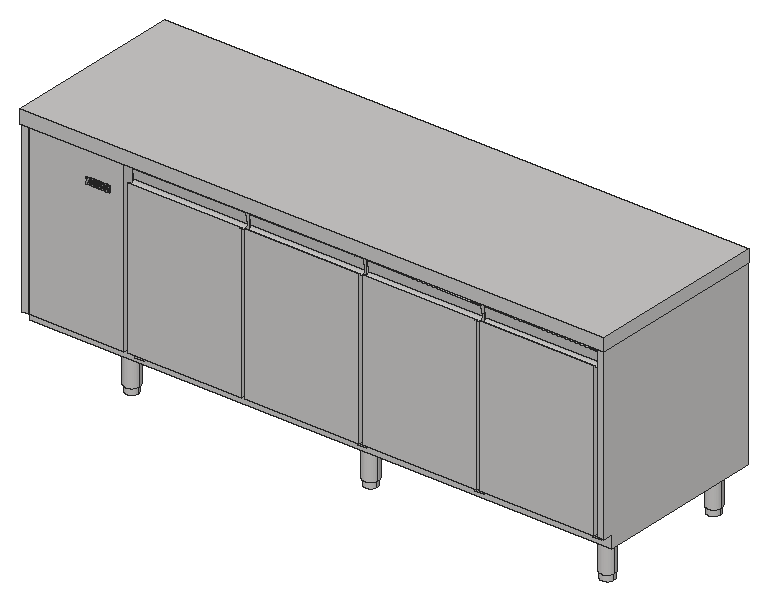
Revit family "QF_ZANUSSI_111053_ZH4HBAAAA", category Specialty Equipment, Revit 2018 (continued)
Definition of nested family "ZAN_Cooling Unit"
  Lines and regions (mm)
    Split face 128
      outline origin (55.016, 2, -281.14) x (0, 0, 1) y (-1, 0, 0)
        loop
          arc (502.647, 116.535) -> (506.648, 112.533) -> (510.649, 116.535) r 4.001
          line (510.649, 116.535) -> (510.649, 158.547)
    Split face 129
      outline origin (55.016, 2, -293.144) x (0, 0, 1) y (-1, 0, 0)
        loop
          arc (510.649, 158.547) -> (506.648, 162.548) -> (502.647, 158.547) r 4.001
          line (502.647, 158.547) -> (502.647, 116.535)
          arc (502.647, 116.535) -> (506.648, 112.533) -> (510.649, 116.535) r 4.001
          line (510.649, 116.535) -> (510.649, 158.547)
    Split face 130
      outline origin (110.032, 2, -113.091) x (0, 0, 1) y (-1, 0, 0)
        loop
          arc (510.649, 158.547) -> (506.648, 162.548) -> (502.647, 158.547) r 4.001
          line (502.647, 158.547) -> (502.647, 116.535)
          arc (502.647, 116.535) -> (506.648, 112.533) -> (510.649, 116.535) r 4.001
          line (510.649, 116.535) -> (510.649, 158.547)
    Split face 131
      outline origin (110.032, 2, -125.094) x (0, 0, 1) y (-1, 0, 0)
        loop
          arc (510.649, 158.547) -> (506.648, 162.548) -> (502.647, 158.547) r 4.001
          line (502.647, 158.547) -> (502.647, 116.535)
          arc (502.647, 116.535) -> (506.648, 112.533) -> (510.649, 116.535) r 4.001
          line (510.649, 116.535) -> (510.649, 158.547)
    Split face 132
      outline origin (110.032, 2, -137.098) x (0, 0, 1) y (-1, 0, 0)
        loop
          arc (510.649, 158.547) -> (506.648, 162.548) -> (502.647, 158.547) r 4.001
          line (502.647, 158.547) -> (502.647, 116.535)
          arc (502.647, 116.535) -> (506.648, 112.533) -> (510.649, 116.535) r 4.001
          line (510.649, 116.535) -> (510.649, 158.547)
    Split face 133
      outline origin (110.032, 2, -149.101) x (0, 0, 1) y (-1, 0, 0)
        loop
          arc (510.649, 158.547) -> (506.648, 162.548) -> (502.647, 158.547) r 4.001
          line (502.647, 158.547) -> (502.647, 116.535)
          arc (502.647, 116.535) -> (506.648, 112.533) -> (510.649, 116.535) r 4.001
          line (510.649, 116.535) -> (510.649, 158.547)
    Split face 134
      outline origin (110.032, 2, -161.105) x (0, 0, 1) y (-1, 0, 0)
        loop
          arc (510.649, 158.547) -> (506.648, 162.548) -> (502.647, 158.547) r 4.001
          line (502.647, 158.547) -> (502.647, 116.535)
          arc (502.647, 116.535) -> (506.648, 112.533) -> (510.649, 116.535) r 4.001
          line (510.649, 116.535) -> (510.649, 158.547)
    Split face 135
      outline origin (110.032, 2, -173.108) x (0, 0, 1) y (-1, 0, 0)
        loop
          arc (510.649, 158.547) -> (506.648, 162.548) -> (502.647, 158.547) r 4.001
          line (502.647, 158.547) -> (502.647, 116.535)
          arc (502.647, 116.535) -> (506.648, 112.533) -> (510.649, 116.535) r 4.001
          line (510.649, 116.535) -> (510.649, 158.547)
    Split face 136
      outline origin (110.032, 2, -185.112) x (0, 0, 1) y (-1, 0, 0)
        loop
          arc (510.649, 158.547) -> (506.648, 162.548) -> (502.647, 158.547) r 4.001
          line (502.647, 158.547) -> (502.647, 116.535)
          arc (502.647, 116.535) -> (506.648, 112.533) -> (510.649, 116.535) r 4.001
          line (510.649, 116.535) -> (510.649, 158.547)
    Split face 137
      outline origin (110.032, 2, -197.115) x (0, 0, 1) y (-1, 0, 0)
        loop
          arc (510.649, 158.547) -> (506.648, 162.548) -> (502.647, 158.547) r 4.001
          line (502.647, 158.547) -> (502.647, 116.535)
          arc (502.647, 116.535) -> (506.648, 112.533) -> (510.649, 116.535) r 4.001
          line (510.649, 116.535) -> (510.649, 158.547)
    Split face 138
      outline origin (110.032, 2, -209.119) x (0, 0, 1) y (-1, 0, 0)
        loop
          arc (510.649, 158.547) -> (506.648, 162.548) -> (502.647, 158.547) r 4.001
          line (502.647, 158.547) -> (502.647, 116.535)
          arc (502.647, 116.535) -> (506.648, 112.533) -> (510.649, 116.535) r 4.001
          line (510.649, 116.535) -> (510.649, 158.547)
    Split face 139
      outline origin (110.032, 2, -221.122) x (0, 0, 1) y (-1, 0, 0)
        loop
          arc (510.649, 158.547) -> (506.648, 162.548) -> (502.647, 158.547) r 4.001
          line (502.647, 158.547) -> (502.647, 116.535)
          arc (502.647, 116.535) -> (506.648, 112.533) -> (510.649, 116.535) r 4.001
          line (510.649, 116.535) -> (510.649, 158.547)
    Split face 140
      outline origin (110.032, 2, -233.126) x (0, 0, 1) y (-1, 0, 0)
        loop
          arc (510.649, 158.547) -> (506.648, 162.548) -> (502.647, 158.547) r 4.001
          line (502.647, 158.547) -> (502.647, 116.535)
          arc (502.647, 116.535) -> (506.648, 112.533) -> (510.649, 116.535) r 4.001
          line (510.649, 116.535) -> (510.649, 158.547)
    Split face 141
      outline origin (110.032, 2, -245.129) x (0, 0, 1) y (-1, 0, 0)
        loop
          arc (510.649, 158.547) -> (506.648, 162.548) -> (502.647, 158.547) r 4.001
          line (502.647, 158.547) -> (502.647, 116.535)
          arc (502.647, 116.535) -> (506.648, 112.533) -> (510.649, 116.535) r 4.001
          line (510.649, 116.535) -> (510.649, 158.547)
    Split face 142
      outline origin (110.032, 2, -257.133) x (0, 0, 1) y (-1, 0, 0)
        loop
          arc (510.649, 158.547) -> (506.648, 162.548) -> (502.647, 158.547) r 4.001
          line (502.647, 158.547) -> (502.647, 116.535)
          arc (502.647, 116.535) -> (506.648, 112.533) -> (510.649, 116.535) r 4.001
          line (510.649, 116.535) -> (510.649, 158.547)
    Split face 143
      outline origin (110.032, 2, -269.136) x (0, 0, 1) y (-1, 0, 0)
        loop
          arc (510.649, 158.547) -> (506.648, 162.548) -> (502.647, 158.547) r 4.001
          line (502.647, 158.547) -> (502.647, 116.535)
          arc (502.647, 116.535) -> (506.648, 112.533) -> (510.649, 116.535) r 4.001
          line (510.649, 116.535) -> (510.649, 158.547)
    Split face 144
      outline origin (110.032, 2, -281.14) x (0, 0, 1) y (-1, 0, 0)
        loop
          arc (510.649, 158.547) -> (506.648, 162.548) -> (502.647, 158.547) r 4.001
          line (502.647, 158.547) -> (502.647, 116.535)
          arc (502.647, 116.535) -> (506.648, 112.533) -> (510.649, 116.535) r 4.001
          line (510.649, 116.535) -> (510.649, 158.547)
    Split face 145
      outline origin (110.032, 2, -293.144) x (0, 0, 1) y (-1, 0, 0)
        loop
          arc (510.649, 158.547) -> (506.648, 162.548) -> (502.647, 158.547) r 4.001
          line (502.647, 158.547) -> (502.647, 116.535)
          arc (502.647, 116.535) -> (506.648, 112.533) -> (510.649, 116.535) r 4.001
          line (510.649, 116.535) -> (510.649, 158.547)
    Split face 146
      outline origin (165.048, 2, -113.091) x (0, 0, 1) y (-1, 0, 0)
        loop
          arc (510.649, 158.547) -> (506.648, 162.548) -> (502.647, 158.547) r 4.001
          line (502.647, 158.547) -> (502.647, 116.535)
          arc (502.647, 116.535) -> (506.648, 112.533) -> (510.649, 116.535) r 4.001
          line (510.649, 116.535) -> (510.649, 158.547)
    Split face 147
      outline origin (165.048, 2, -125.094) x (0, 0, 1) y (-1, 0, 0)
        loop
          arc (510.649, 158.547) -> (506.648, 162.548) -> (502.647, 158.547) r 4.001
          line (502.647, 158.547) -> (502.647, 116.535)
          arc (502.647, 116.535) -> (506.648, 112.533) -> (510.649, 116.535) r 4.001
          line (510.649, 116.535) -> (510.649, 158.547)
    Split face 148
      outline origin (165.048, 2, -137.098) x (0, 0, 1) y (-1, 0, 0)
        loop
          arc (510.649, 158.547) -> (506.648, 162.548) -> (502.647, 158.547) r 4.001
          line (502.647, 158.547) -> (502.647, 116.535)
          arc (502.647, 116.535) -> (506.648, 112.533) -> (510.649, 116.535) r 4.001
          line (510.649, 116.535) -> (510.649, 158.547)
    Split face 149
      outline origin (165.048, 2, -149.101) x (0, 0, 1) y (-1, 0, 0)
        loop
          arc (510.649, 158.547) -> (506.648, 162.548) -> (502.647, 158.547) r 4.001
          line (502.647, 158.547) -> (502.647, 116.535)
          arc (502.647, 116.535) -> (506.648, 112.533) -> (510.649, 116.535) r 4.001
          line (510.649, 116.535) -> (510.649, 158.547)
    Split face 150
      outline origin (165.048, 2, -161.105) x (0, 0, 1) y (-1, 0, 0)
        loop
          arc (510.649, 158.547) -> (506.648, 162.548) -> (502.647, 158.547) r 4.001
          line (502.647, 158.547) -> (502.647, 116.535)
          arc (502.647, 116.535) -> (506.648, 112.533) -> (510.649, 116.535) r 4.001
          line (510.649, 116.535) -> (510.649, 158.547)
    Split face 151
      outline origin (165.048, 2, -173.108) x (0, 0, 1) y (-1, 0, 0)
        loop
          arc (510.649, 158.547) -> (506.648, 162.548) -> (502.647, 158.547) r 4.001
          line (502.647, 158.547) -> (502.647, 116.535)
          arc (502.647, 116.535) -> (506.648, 112.533) -> (510.649, 116.535) r 4.001
          line (510.649, 116.535) -> (510.649, 158.547)
    Split face 152
      outline origin (165.048, 2, -185.112) x (0, 0, 1) y (-1, 0, 0)
        loop
          arc (510.649, 158.547) -> (506.648, 162.548) -> (502.647, 158.547) r 4.001
          line (502.647, 158.547) -> (502.647, 116.535)
          arc (502.647, 116.535) -> (506.648, 112.533) -> (510.649, 116.535) r 4.001
          line (510.649, 116.535) -> (510.649, 158.547)
    Split face 153
      outline origin (165.048, 2, -197.115) x (0, 0, 1) y (-1, 0, 0)
        loop
          arc (510.649, 158.547) -> (506.648, 162.548) -> (502.647, 158.547) r 4.001
          line (502.647, 158.547) -> (502.647, 116.535)
          arc (502.647, 116.535) -> (506.648, 112.533) -> (510.649, 116.535) r 4.001
          line (510.649, 116.535) -> (510.649, 158.547)
    Split face 154
      outline origin (165.048, 2, -209.119) x (0, 0, 1) y (-1, 0, 0)
        loop
          arc (510.649, 158.547) -> (506.648, 162.548) -> (502.647, 158.547) r 4.001
          line (502.647, 158.547) -> (502.647, 116.535)
          arc (502.647, 116.535) -> (506.648, 112.533) -> (510.649, 116.535) r 4.001
          line (510.649, 116.535) -> (510.649, 158.547)
    Split face 155
      outline origin (165.048, 2, -221.122) x (0, 0, 1) y (-1, 0, 0)
        loop
          arc (510.649, 158.547) -> (506.648, 162.548) -> (502.647, 158.547) r 4.001
          line (502.647, 158.547) -> (502.647, 116.535)
          arc (502.647, 116.535) -> (506.648, 112.533) -> (510.649, 116.535) r 4.001
          line (510.649, 116.535) -> (510.649, 158.547)
    Split face 156
      outline origin (165.048, 2, -233.126) x (0, 0, 1) y (-1, 0, 0)
        loop
          arc (510.649, 158.547) -> (506.648, 162.548) -> (502.647, 158.547) r 4.001
          line (502.647, 158.547) -> (502.647, 116.535)
          arc (502.647, 116.535) -> (506.648, 112.533) -> (510.649, 116.535) r 4.001
          line (510.649, 116.535) -> (510.649, 158.547)
    Split face 157
      outline origin (165.048, 2, -245.129) x (0, 0, 1) y (-1, 0, 0)
        loop
          arc (510.649, 158.547) -> (506.648, 162.548) -> (502.647, 158.547) r 4.001
          line (502.647, 158.547) -> (502.647, 116.535)
          arc (502.647, 116.535) -> (506.648, 112.533) -> (510.649, 116.535) r 4.001
          line (510.649, 116.535) -> (510.649, 158.547)
    Split face 158
      outline origin (165.048, 2, -257.133) x (0, 0, 1) y (-1, 0, 0)
        loop
          arc (510.649, 158.547) -> (506.648, 162.548) -> (502.647, 158.547) r 4.001
          line (502.647, 158.547) -> (502.647, 116.535)
          arc (502.647, 116.535) -> (506.648, 112.533) -> (510.649, 116.535) r 4.001
          line (510.649, 116.535) -> (510.649, 158.547)
    Split face 159
      outline origin (165.048, 2, -269.136) x (0, 0, 1) y (-1, 0, 0)
        loop
          arc (510.649, 158.547) -> (506.648, 162.548) -> (502.647, 158.547) r 4.001
          line (502.647, 158.547) -> (502.647, 116.535)
          arc (502.647, 116.535) -> (506.648, 112.533) -> (510.649, 116.535) r 4.001
          line (510.649, 116.535) -> (510.649, 158.547)
    Split face 160
      outline origin (165.048, 2, -281.14) x (0, 0, 1) y (-1, 0, 0)
        loop
          arc (510.649, 158.547) -> (506.648, 162.548) -> (502.647, 158.547) r 4.001
          line (502.647, 158.547) -> (502.647, 116.535)
          arc (502.647, 116.535) -> (506.648, 112.533) -> (510.649, 116.535) r 4.001
          line (510.649, 116.535) -> (510.649, 158.547)
    Split face 161
      outline origin (165.048, 2, -293.144) x (0, 0, 1) y (-1, 0, 0)
        loop
          arc (510.649, 158.547) -> (506.648, 162.548) -> (502.647, 158.547) r 4.001
          line (502.647, 158.547) -> (502.647, 116.535)
          arc (502.647, 116.535) -> (506.648, 112.533) -> (510.649, 116.535) r 4.001
          line (510.649, 116.535) -> (510.649, 158.547)
    Split face 162
      outline origin (220.064, 2, -113.091) x (0, 0, 1) y (-1, 0, 0)
        loop
          arc (510.649, 158.547) -> (506.648, 162.548) -> (502.647, 158.547) r 4.001
          line (502.647, 158.547) -> (502.647, 116.535)
          arc (502.647, 116.535) -> (506.648, 112.533) -> (510.649, 116.535) r 4.001
          line (510.649, 116.535) -> (510.649, 158.547)
    Split face 163
      outline origin (220.064, 2, -125.094) x (0, 0, 1) y (-1, 0, 0)
        loop
          arc (510.649, 158.547) -> (506.648, 162.548) -> (502.647, 158.547) r 4.001
          line (502.647, 158.547) -> (502.647, 116.535)
          arc (502.647, 116.535) -> (506.648, 112.533) -> (510.649, 116.535) r 4.001
          line (510.649, 116.535) -> (510.649, 158.547)
    Split face 164
      outline origin (220.064, 2, -137.098) x (0, 0, 1) y (-1, 0, 0)
        loop
          arc (510.649, 158.547) -> (506.648, 162.548) -> (502.647, 158.547) r 4.001
          line (502.647, 158.547) -> (502.647, 116.535)
          arc (502.647, 116.535) -> (506.648, 112.533) -> (510.649, 116.535) r 4.001
          line (510.649, 116.535) -> (510.649, 158.547)
    Split face 165
      outline origin (220.064, 2, -149.101) x (0, 0, 1) y (-1, 0, 0)
        loop
          arc (510.649, 158.547) -> (506.648, 162.548) -> (502.647, 158.547) r 4.001
          line (502.647, 158.547) -> (502.647, 116.535)
          arc (502.647, 116.535) -> (506.648, 112.533) -> (510.649, 116.535) r 4.001
          line (510.649, 116.535) -> (510.649, 158.547)
    Split face 166
      outline origin (220.064, 2, -161.105) x (0, 0, 1) y (-1, 0, 0)
        loop
          arc (510.649, 158.547) -> (506.648, 162.548) -> (502.647, 158.547) r 4.001
          line (502.647, 158.547) -> (502.647, 116.535)
          arc (502.647, 116.535) -> (506.648, 112.533) -> (510.649, 116.535) r 4.001
          line (510.649, 116.535) -> (510.649, 158.547)
    Split face 167
      outline origin (220.064, 2, -173.108) x (0, 0, 1) y (-1, 0, 0)
        loop
          arc (510.649, 158.547) -> (506.648, 162.548) -> (502.647, 158.547) r 4.001
          line (502.647, 158.547) -> (502.647, 116.535)
          arc (502.647, 116.535) -> (506.648, 112.533) -> (510.649, 116.535) r 4.001
          line (510.649, 116.535) -> (510.649, 158.547)
    Split face 168
      outline origin (220.064, 2, -185.112) x (0, 0, 1) y (-1, 0, 0)
        loop
          arc (510.649, 158.547) -> (506.648, 162.548) -> (502.647, 158.547) r 4.001
          line (502.647, 158.547) -> (502.647, 116.535)
          arc (502.647, 116.535) -> (506.648, 112.533) -> (510.649, 116.535) r 4.001
          line (510.649, 116.535) -> (510.649, 158.547)
    Split face 169
      outline origin (220.064, 2, -197.115) x (0, 0, 1) y (-1, 0, 0)
        loop
          arc (510.649, 158.547) -> (506.648, 162.548) -> (502.647, 158.547) r 4.001
          line (502.647, 158.547) -> (502.647, 116.535)
          arc (502.647, 116.535) -> (506.648, 112.533) -> (510.649, 116.535) r 4.001
          line (510.649, 116.535) -> (510.649, 158.547)
    Split face 170
      outline origin (220.064, 2, -209.119) x (0, 0, 1) y (-1, 0, 0)
        loop
          arc (510.649, 158.547) -> (506.648, 162.548) -> (502.647, 158.547) r 4.001
          line (502.647, 158.547) -> (502.647, 116.535)
          arc (502.647, 116.535) -> (506.648, 112.533) -> (510.649, 116.535) r 4.001
          line (510.649, 116.535) -> (510.649, 158.547)
    Split face 171
      outline origin (220.064, 2, -221.122) x (0, 0, 1) y (-1, 0, 0)
        loop
          arc (510.649, 158.547) -> (506.648, 162.548) -> (502.647, 158.547) r 4.001
          line (502.647, 158.547) -> (502.647, 116.535)
          arc (502.647, 116.535) -> (506.648, 112.533) -> (510.649, 116.535) r 4.001
          line (510.649, 116.535) -> (510.649, 158.547)
    Split face 172
      outline origin (220.064, 2, -233.126) x (0, 0, 1) y (-1, 0, 0)
        loop
          arc (510.649, 158.547) -> (506.648, 162.548) -> (502.647, 158.547) r 4.001
          line (502.647, 158.547) -> (502.647, 116.535)
          arc (502.647, 116.535) -> (506.648, 112.533) -> (510.649, 116.535) r 4.001
          line (510.649, 116.535) -> (510.649, 158.547)
    Split face 173
      outline origin (220.064, 2, -245.129) x (0, 0, 1) y (-1, 0, 0)
        loop
          arc (510.649, 158.547) -> (506.648, 162.548) -> (502.647, 158.547) r 4.001
          line (502.647, 158.547) -> (502.647, 116.535)
          arc (502.647, 116.535) -> (506.648, 112.533) -> (510.649, 116.535) r 4.001
          line (510.649, 116.535) -> (510.649, 158.547)
    Split face 174
      outline origin (220.064, 2, -257.133) x (0, 0, 1) y (-1, 0, 0)
        loop
          arc (510.649, 158.547) -> (506.648, 162.548) -> (502.647, 158.547) r 4.001
          line (502.647, 158.547) -> (502.647, 116.535)
          arc (502.647, 116.535) -> (506.648, 112.533) -> (510.649, 116.535) r 4.001
          line (510.649, 116.535) -> (510.649, 158.547)
    Split face 175
      outline origin (220.064, 2, -269.136) x (0, 0, 1) y (-1, 0, 0)
        loop
          arc (510.649, 158.547) -> (506.648, 162.548) -> (502.647, 158.547) r 4.001
          line (502.647, 158.547) -> (502.647, 116.535)
          arc (502.647, 116.535) -> (506.648, 112.533) -> (510.649, 116.535) r 4.001
          line (510.649, 116.535) -> (510.649, 158.547)
    Split face 176
      outline origin (220.064, 2, -281.14) x (0, 0, 1) y (-1, 0, 0)
        loop
          arc (510.649, 158.547) -> (506.648, 162.548) -> (502.647, 158.547) r 4.001
          line (502.647, 158.547) -> (502.647, 116.535)
          arc (502.647, 116.535) -> (506.648, 112.533) -> (510.649, 116.535) r 4.001
          line (510.649, 116.535) -> (510.649, 158.547)
    Split face 177
      outline origin (220.064, 2, -293.144) x (0, 0, 1) y (-1, 0, 0)
        loop
          arc (510.649, 158.547) -> (506.648, 162.548) -> (502.647, 158.547) r 4.001
          line (502.647, 158.547) -> (502.647, 116.535)
          arc (502.647, 116.535) -> (506.648, 112.533) -> (510.649, 116.535) r 4.001
          line (510.649, 116.535) -> (510.649, 158.547)
    Split face 178
      outline origin (275.081, 2, -113.091) x (0, 0, 1) y (-1, 0, 0)
        loop
          arc (510.649, 158.547) -> (506.648, 162.548) -> (502.647, 158.547) r 4.001
          line (502.647, 158.547) -> (502.647, 116.535)
          arc (502.647, 116.535) -> (506.648, 112.533) -> (510.649, 116.535) r 4.001
          line (510.649, 116.535) -> (510.649, 158.547)
    Split face 179
      outline origin (275.081, 2, -125.094) x (0, 0, 1) y (-1, 0, 0)
        loop
          arc (510.649, 158.547) -> (506.648, 162.548) -> (502.647, 158.547) r 4.001
          line (502.647, 158.547) -> (502.647, 116.535)
          arc (502.647, 116.535) -> (506.648, 112.533) -> (510.649, 116.535) r 4.001
          line (510.649, 116.535) -> (510.649, 158.547)
    Split face 180
      outline origin (275.081, 2, -137.098) x (0, 0, 1) y (-1, 0, 0)
        loop
          arc (510.649, 158.547) -> (506.648, 162.548) -> (502.647, 158.547) r 4.001
          line (502.647, 158.547) -> (502.647, 116.535)
          arc (502.647, 116.535) -> (506.648, 112.533) -> (510.649, 116.535) r 4.001
          line (510.649, 116.535) -> (510.649, 158.547)
    Split face 181
      outline origin (275.081, 2, -149.101) x (0, 0, 1) y (-1, 0, 0)
        loop
          arc (510.649, 158.547) -> (506.648, 162.548) -> (502.647, 158.547) r 4.001
          line (502.647, 158.547) -> (502.647, 116.535)
          arc (502.647, 116.535) -> (506.648, 112.533) -> (510.649, 116.535) r 4.001
          line (510.649, 116.535) -> (510.649, 158.547)
    Split face 182
      outline origin (275.081, 2, -161.105) x (0, 0, 1) y (-1, 0, 0)
        loop
          arc (510.649, 158.547) -> (506.648, 162.548) -> (502.647, 158.547) r 4.001
          line (502.647, 158.547) -> (502.647, 116.535)
          arc (502.647, 116.535) -> (506.648, 112.533) -> (510.649, 116.535) r 4.001
          line (510.649, 116.535) -> (510.649, 158.547)
    Split face 183
      outline origin (275.081, 2, -173.108) x (0, 0, 1) y (-1, 0, 0)
        loop
          arc (510.649, 158.547) -> (506.648, 162.548) -> (502.647, 158.547) r 4.001
          line (502.647, 158.547) -> (502.647, 116.535)
          arc (502.647, 116.535) -> (506.648, 112.533) -> (510.649, 116.535) r 4.001
          line (510.649, 116.535) -> (510.649, 158.547)
    Split face 184
      outline origin (275.081, 2, -185.112) x (0, 0, 1) y (-1, 0, 0)
        loop
          arc (510.649, 158.547) -> (506.648, 162.548) -> (502.647, 158.547) r 4.001
          line (502.647, 158.547) -> (502.647, 116.535)
          arc (502.647, 116.535) -> (506.648, 112.533) -> (510.649, 116.535) r 4.001
          line (510.649, 116.535) -> (510.649, 158.547)
    Split face 185
      outline origin (275.081, 2, -197.115) x (0, 0, 1) y (-1, 0, 0)
        loop
          arc (510.649, 158.547) -> (506.648, 162.548) -> (502.647, 158.547) r 4.001
          line (502.647, 158.547) -> (502.647, 116.535)
          arc (502.647, 116.535) -> (506.648, 112.533) -> (510.649, 116.535) r 4.001
          line (510.649, 116.535) -> (510.649, 158.547)
    Split face 186
      outline origin (275.081, 2, -209.119) x (0, 0, 1) y (-1, 0, 0)
        loop
          arc (510.649, 158.547) -> (506.648, 162.548) -> (502.647, 158.547) r 4.001
          line (502.647, 158.547) -> (502.647, 116.535)
          arc (502.647, 116.535) -> (506.648, 112.533) -> (510.649, 116.535) r 4.001
          line (510.649, 116.535) -> (510.649, 158.547)
    Split face 187
      outline origin (275.081, 2, -221.122) x (0, 0, 1) y (-1, 0, 0)
        loop
          arc (510.649, 158.547) -> (506.648, 162.548) -> (502.647, 158.547) r 4.001
          line (502.647, 158.547) -> (502.647, 116.535)
          arc (502.647, 116.535) -> (506.648, 112.533) -> (510.649, 116.535) r 4.001
          line (510.649, 116.535) -> (510.649, 158.547)
    Split face 188
      outline origin (275.081, 2, -233.126) x (0, 0, 1) y (-1, 0, 0)
        loop
          arc (510.649, 158.547) -> (506.648, 162.548) -> (502.647, 158.547) r 4.001
          line (502.647, 158.547) -> (502.647, 116.535)
          arc (502.647, 116.535) -> (506.648, 112.533) -> (510.649, 116.535) r 4.001
          line (510.649, 116.535) -> (510.649, 158.547)
    Split face 189
      outline origin (275.081, 2, -245.129) x (0, 0, 1) y (-1, 0, 0)
        loop
          arc (510.649, 158.547) -> (506.648, 162.548) -> (502.647, 158.547) r 4.001
          line (502.647, 158.547) -> (502.647, 116.535)
          arc (502.647, 116.535) -> (506.648, 112.533) -> (510.649, 116.535) r 4.001
          line (510.649, 116.535) -> (510.649, 158.547)
    Split face 190
      outline origin (275.081, 2, -257.133) x (0, 0, 1) y (-1, 0, 0)
        loop
          arc (510.649, 158.547) -> (506.648, 162.548) -> (502.647, 158.547) r 4.001
          line (502.647, 158.547) -> (502.647, 116.535)
          arc (502.647, 116.535) -> (506.648, 112.533) -> (510.649, 116.535) r 4.001
          line (510.649, 116.535) -> (510.649, 158.547)
    Split face 191
      outline origin (275.081, 2, -269.136) x (0, 0, 1) y (-1, 0, 0)
        loop
          arc (510.649, 158.547) -> (506.648, 162.548) -> (502.647, 158.547) r 4.001
          line (502.647, 158.547) -> (502.647, 116.535)
          arc (502.647, 116.535) -> (506.648, 112.533) -> (510.649, 116.535) r 4.001
          line (510.649, 116.535) -> (510.649, 158.547)
    Split face 192
      outline origin (275.081, 2, -281.14) x (0, 0, 1) y (-1, 0, 0)
        loop
          arc (510.649, 158.547) -> (506.648, 162.548) -> (502.647, 158.547) r 4.001
          line (502.647, 158.547) -> (502.647, 116.535)
          arc (502.647, 116.535) -> (506.648, 112.533) -> (510.649, 116.535) r 4.001
          line (510.649, 116.535) -> (510.649, 158.547)
    Split face 193
      outline origin (275.081, 2, -293.144) x (0, 0, 1) y (-1, 0, 0)
        loop
          arc (510.649, 158.547) -> (506.648, 162.548) -> (502.647, 158.547) r 4.001
          line (502.647, 158.547) -> (502.647, 116.535)
          arc (502.647, 116.535) -> (506.648, 112.533) -> (510.649, 116.535) r 4.001
          line (510.649, 116.535) -> (510.649, 158.547)
    Split face 194
      outline origin (0, 2, 197) x (0, 0, 1) y (-1, 0, 0)
        loop
          spline (566.835, 20.381) -> (564.628, 19.058) -> (561.987, 18.027) -> (558.955, 17.386) -> (555.581, 17.244) -> (551.912, 17.703) -> (547.993, 18.863) -> (543.871, 20.83) -> (539.591, 23.706) -> (535.202, 27.594) -> (530.748, 32.597) -> (526.28, 38.824) -> (521.835, 46.362)
        loop
          spline (521.835, 58.392) -> (525.386, 49.242) -> (529.197, 41.481) -> (533.2, 35.023) -> (537.329, 29.786) -> (541.516, 25.684) -> (545.695, 22.634) -> (549.798, 20.552) -> (553.759, 19.355) -> (557.511, 18.958) -> (560.984, 19.275) -> (564.115, 20.227) -> (566.835, 21.726)
    Split face 195
      outline origin (0, 2, 197) x (0, 0, 1) y (-1, 0, 0)
        loop
          line (555.835, 149.5) -> (532.835, 149.5) -> (532.835, 94.5) -> (555.835, 94.5) -> (555.835, 149.5)
  Dimensions and locks
    aligned and locked: level to plane 2
  Nested families
    nested 1: "ZAN_Logo_S_Grey" at (85, 2, 741.213) x (1, 0, 0) z (0, -1, 0), visible <- "Show Logo", type "ZAN_Logo_S_Grey"
  Definition of nested family "ZAN_Logo_S_Grey"
    Parameters
      Default Elevation = 0 mm
    Reference planes
      plane 1 "Centro (Fronte/Retro)": y = 0
      plane 2: z = 0
      plane 3 "Centro (Sinistra/Destra)": x = 0
    Forms (mm)
      Extrusion 1, solid
        sketch origin (0, 0, 0) x (1, 0, 0) y (0, 1, 0)
          loop
            line (-1219.2, 1219.2) -> (-1219.2, -1219.2) -> (1219.2, -1219.2) -> (1219.2, 1219.2) -> (-1219.2, 1219.2)
        from 0 to -304.8
      Extrusion 2, solid
        sketch origin (17.793, -46.218, 0) x (-1, 0, 0) y (0, -1, 0)
          loop
            spline (-4.176, -58.079) -> (-3.496, -58.328) -> (-2.793, -58.512) -> (-2.075, -58.63) -> (-1.348, -58.682) -> (-0.619, -58.669) -> (0.106, -58.588) -> (0.818, -58.44) -> (1.512, -58.225) -> (2.18, -57.941) -> (2.817, -57.589) -> (3.414, -57.167) -> (3.966, -56.676)
            spline (3.966, -56.676) -> (4.293, -56.162) -> (4.575, -55.61) -> (4.81, -55.026) -> (5, -54.419) -> (5.146, -53.797) -> (5.247, -53.166) -> (5.304, -52.536) -> (5.318, -51.913) -> (5.288, -51.306) -> (5.217, -50.723) -> (5.103, -50.17) -> (4.949, -49.657)
            line (4.949, -49.657) -> (2.702, -46.428) -> (0.316, -44.323)
            spline (0.316, -44.323) -> (0.065, -44.115) -> (-0.195, -43.909) -> (-0.46, -43.704) -> (-0.729, -43.496) -> (-0.997, -43.282) -> (-1.263, -43.059) -> (-1.523, -42.825) -> (-1.774, -42.576) -> (-2.013, -42.309) -> (-2.238, -42.022) -> (-2.445, -41.712) -> (-2.632, -41.375)
            spline (-2.632, -41.375) -> (-2.666, -41.159) -> (-2.697, -40.934) -> (-2.722, -40.701) -> (-2.736, -40.465) -> (-2.736, -40.227) -> (-2.72, -39.989) -> (-2.682, -39.754) -> (-2.621, -39.524) -> (-2.533, -39.302) -> (-2.414, -39.091) -> (-2.261, -38.892) -> (-2.07, -38.708)
            line (-2.07, -38.708) -> (-0.245, -38.567)
            spline (-0.245, -38.567) -> (0.096, -38.8) -> (0.354, -39.074) -> (0.54, -39.381) -> (0.664, -39.716) -> (0.738, -40.073) -> (0.772, -40.445) -> (0.777, -40.825) -> (0.763, -41.208) -> (0.742, -41.588) -> (0.723, -41.957) -> (0.718, -42.309) -> (0.737, -42.638)
            line (0.737, -42.638) -> (5.65, -42.638)
            spline (5.65, -42.638) -> (5.708, -42.042) -> (5.741, -41.448) -> (5.747, -40.857) -> (5.723, -40.273) -> (5.668, -39.696) -> (5.58, -39.129) -> (5.457, -38.574) -> (5.297, -38.032) -> (5.098, -37.506) -> (4.857, -36.997) -> (4.574, -36.508) -> (4.247, -36.041)
            spline (4.247, -36.041) -> (3.844, -35.675) -> (3.409, -35.35) -> (2.946, -35.065) -> (2.458, -34.819) -> (1.949, -34.612) -> (1.421, -34.444) -> (0.88, -34.314) -> (0.326, -34.221) -> (-0.234, -34.165) -> (-0.8, -34.146) -> (-1.366, -34.163) -> (-1.93, -34.216)
            spline (-1.93, -34.216) -> (-2.526, -34.309) -> (-3.116, -34.448) -> (-3.695, -34.633) -> (-4.259, -34.861) -> (-4.801, -35.131) -> (-5.316, -35.444) -> (-5.799, -35.798) -> (-6.245, -36.191) -> (-6.648, -36.624) -> (-7.002, -37.095) -> (-7.303, -37.603) -> (-7.545, -38.146)
            spline (-7.545, -38.146) -> (-7.694, -38.815) -> (-7.792, -39.487) -> (-7.839, -40.158) -> (-7.836, -40.824) -> (-7.785, -41.482) -> (-7.685, -42.129) -> (-7.539, -42.762) -> (-7.347, -43.377) -> (-7.111, -43.97) -> (-6.83, -44.538) -> (-6.506, -45.078) -> (-6.141, -45.586)
            line (-6.141, -45.586) -> (-0.526, -50.64) -> (0.176, -51.482)
            spline (0.176, -51.482) -> (0.248, -51.66) -> (0.323, -51.843) -> (0.397, -52.03) -> (0.467, -52.22) -> (0.529, -52.412) -> (0.579, -52.605) -> (0.615, -52.798) -> (0.633, -52.989) -> (0.63, -53.179) -> (0.601, -53.366) -> (0.545, -53.55) -> (0.456, -53.728)
            spline (0.456, -53.728) -> (0.375, -53.892) -> (0.273, -54.034) -> (0.154, -54.155) -> (0.02, -54.258) -> (-0.126, -54.343) -> (-0.28, -54.412) -> (-0.441, -54.466) -> (-0.604, -54.508) -> (-0.767, -54.537) -> (-0.928, -54.556) -> (-1.082, -54.567) -> (-1.228, -54.57)
            line (-1.228, -54.57) -> (-2.632, -53.587) -> (-2.772, -50.64) -> (-7.405, -50.64)
            spline (-7.405, -50.64) -> (-7.41, -51.031) -> (-7.423, -51.432) -> (-7.44, -51.839) -> (-7.456, -52.251) -> (-7.469, -52.665) -> (-7.475, -53.079) -> (-7.468, -53.489) -> (-7.446, -53.894) -> (-7.404, -54.291) -> (-7.339, -54.679) -> (-7.247, -55.053) -> (-7.123, -55.412)
            spline (-7.123, -55.412) -> (-6.999, -55.693) -> (-6.837, -55.97) -> (-6.643, -56.244) -> (-6.422, -56.509) -> (-6.177, -56.765) -> (-5.913, -57.009) -> (-5.634, -57.238) -> (-5.346, -57.45) -> (-5.051, -57.643) -> (-4.755, -57.814) -> (-4.462, -57.96) -> (-4.176, -58.079)
          loop
            spline (-21.021, -55.552) -> (-20.633, -56.181) -> (-20.177, -56.736) -> (-19.661, -57.217) -> (-19.092, -57.627) -> (-18.478, -57.966) -> (-17.827, -58.237) -> (-17.147, -58.441) -> (-16.446, -58.578) -> (-15.73, -58.652) -> (-15.009, -58.662) -> (-14.29, -58.611) -> (-13.581, -58.5)
            spline (-13.581, -58.5) -> (-13.088, -58.407) -> (-12.595, -58.269) -> (-12.109, -58.088) -> (-11.636, -57.866) -> (-11.183, -57.605) -> (-10.756, -57.307) -> (-10.361, -56.974) -> (-10.004, -56.608) -> (-9.692, -56.211) -> (-9.431, -55.784) -> (-9.228, -55.33) -> (-9.089, -54.851)
            spline (-9.089, -54.851) -> (-8.873, -54.211) -> (-8.715, -53.559) -> (-8.615, -52.901) -> (-8.574, -52.241) -> (-8.592, -51.585) -> (-8.668, -50.938) -> (-8.802, -50.306) -> (-8.995, -49.693) -> (-9.247, -49.106) -> (-9.557, -48.55) -> (-9.925, -48.03) -> (-10.352, -47.551)
            line (-10.352, -47.551) -> (-15.546, -42.919) -> (-16.669, -41.234)
            spline (-16.669, -41.234) -> (-16.704, -41.021) -> (-16.735, -40.804) -> (-16.761, -40.583) -> (-16.778, -40.361) -> (-16.784, -40.139) -> (-16.774, -39.919) -> (-16.748, -39.701) -> (-16.7, -39.488) -> (-16.63, -39.28) -> (-16.533, -39.08) -> (-16.406, -38.889) -> (-16.248, -38.708)
            line (-16.248, -38.708) -> (-14.844, -38.427)
            spline (-14.844, -38.427) -> (-14.347, -38.545) -> (-13.969, -38.749) -> (-13.695, -39.028) -> (-13.508, -39.368) -> (-13.393, -39.757) -> (-13.335, -40.182) -> (-13.318, -40.63) -> (-13.326, -41.089) -> (-13.344, -41.546) -> (-13.356, -41.988) -> (-13.347, -42.403) -> (-13.3, -42.779)
            line (-13.3, -42.779) -> (-8.387, -42.638)
            spline (-8.387, -42.638) -> (-8.326, -42.034) -> (-8.288, -41.417) -> (-8.277, -40.794) -> (-8.299, -40.169) -> (-8.357, -39.548) -> (-8.457, -38.936) -> (-8.604, -38.339) -> (-8.803, -37.762) -> (-9.058, -37.21) -> (-9.375, -36.689) -> (-9.758, -36.204) -> (-10.212, -35.76)
            spline (-10.212, -35.76) -> (-10.793, -35.336) -> (-11.409, -34.976) -> (-12.054, -34.679) -> (-12.723, -34.445) -> (-13.409, -34.273) -> (-14.107, -34.163) -> (-14.811, -34.115) -> (-15.515, -34.127) -> (-16.213, -34.2) -> (-16.899, -34.333) -> (-17.568, -34.526) -> (-18.213, -34.777)
            spline (-18.213, -34.777) -> (-18.496, -34.897) -> (-18.783, -35.044) -> (-19.071, -35.216) -> (-19.357, -35.412) -> (-19.639, -35.629) -> (-19.915, -35.865) -> (-20.182, -36.119) -> (-20.438, -36.389) -> (-20.681, -36.672) -> (-20.907, -36.967) -> (-21.115, -37.272) -> (-21.301, -37.585)
            spline (-21.301, -37.585) -> (-21.55, -38.26) -> (-21.734, -38.948) -> (-21.854, -39.647) -> (-21.91, -40.351) -> (-21.901, -41.057) -> (-21.828, -41.761) -> (-21.69, -42.459) -> (-21.489, -43.148) -> (-21.222, -43.823) -> (-20.892, -44.48) -> (-20.497, -45.116) -> (-20.038, -45.726)
            line (-20.038, -45.726) -> (-14.142, -51.061) -> (-13.44, -52.886) -> (-14.002, -54.289) -> (-15.265, -54.57) -> (-16.669, -53.587) -> (-16.81, -50.78) -> (-21.582, -50.64)
            spline (-21.582, -50.64) -> (-21.558, -51.063) -> (-21.55, -51.491) -> (-21.554, -51.92) -> (-21.561, -52.35) -> (-21.567, -52.778) -> (-21.565, -53.201) -> (-21.547, -53.619) -> (-21.509, -54.029) -> (-21.444, -54.43) -> (-21.345, -54.818) -> (-21.206, -55.193) -> (-21.021, -55.552)
          loop
            line (-22.424, -34.216) -> (-27.337, -34.216) -> (-27.337, -58.22) -> (-22.424, -58.22) -> (-22.424, -34.216)
          loop
            line (14.213, -39.971) -> (14.213, -58.22) -> (19.126, -58.22) -> (19.126, -42.077) -> (18.845, -38.146) -> (18.424, -37.164) -> (17.442, -35.9) -> (16.459, -35.199) -> (14.494, -34.356) -> (13.511, -34.216) -> (11.265, -34.216) -> (10.142, -34.497) -> (8.458, -35.479) -> (6.493, -38.287) -> (6.352, -39.269) -> (6.352, -58.22) -> (11.265, -58.22) -> (11.265, -40.392) -> (11.827, -39.129) -> (13.371, -38.988) -> (14.213, -39.971)
          loop
            line (20.249, -58.22) -> (24.741, -58.22) -> (24.741, -42.919) -> (28.812, -58.22) -> (34.006, -58.22) -> (34.006, -34.216) -> (29.654, -34.216) -> (29.654, -50.078) -> (25.583, -34.216) -> (20.249, -34.216) -> (20.249, -58.22)
          loop
            line (50.149, -58.22) -> (62.361, -58.22) -> (62.361, -53.728) -> (55.904, -53.868) -> (62.923, -39.129) -> (62.923, -34.216) -> (50.149, -34.216) -> (50.149, -39.129) -> (57.517, -39.129) -> (50.149, -54.149) -> (50.149, -58.22)
          loop
            line (38.778, -58.22) -> (45.516, -58.22) -> (49.868, -34.216) -> (44.814, -34.216) -> (44.113, -38.848) -> (40.042, -38.848) -> (39.34, -34.216) -> (34.286, -34.216) -> (38.778, -58.22)
          loop
            line (43.551, -43.2) -> (40.744, -43.2) -> (42.147, -54.117) -> (43.551, -43.2)
        from 0 to 1.644
    Dimensions and locks
      aligned and locked: plane 2 to Extrusion 1
      aligned and locked: level to Extrusion 1
Definition of nested family "Refrigerator"
  Reference planes
    plane 1 "Center (Front/Back)": y = 0
    plane 2: z = 0
    plane 3 "Center (Left/Right)": x = 0
  Lines and regions (mm)
    detail lines, in view "Ref. Level"
      curve 1: spline (-500, 190, 0) -> (-493.185, 166.706, 0) -> (-473.205, 145, 0) -> (-441.421, 126.36, 0) -> (-400, 112.058, 0) -> (-351.764, 103.067, 0) -> (-300, 100, 0) -> (-248.236, 103.067, 0) -> (-200, 112.058, 0) -> (-158.579, 126.36, 0) -> (-126.795, 145, 0) -> (-106.815, 166.706, 0) -> (-100, 190, 0) -> (-106.815, 213.294, 0) -> (-126.795, 235, 0) -> (-158.579, 253.64, 0) -> (-200, 267.942, 0) -> (-248.236, 276.933, 0) -> (-300, 280, 0) -> (-351.764, 276.933, 0) -> (-400, 267.942, 0) -> (-441.421, 253.64, 0) -> (-473.205, 235, 0) -> (-493.185, 213.294, 0) -> (-500, 190, 0)
      curve 2: line (-300, 130, 0) -> (-300, 250, 0)
      curve 3: line (-351.962, 220, 0) -> (-248.038, 160, 0)
      curve 4: line (-351.962, 160, 0) -> (-248.038, 220, 0)
      curve 5: line (-280.884, 246.873, 0) -> (-300, 225, 0)
      curve 6: line (-300, 225, 0) -> (-319.116, 246.873, 0)
      curve 7: line (-330.311, 207.5, 0) -> (-339.696, 234.992, 0)
      curve 8: line (-358.812, 201.882, 0) -> (-330.311, 207.5, 0)
      curve 9: line (-330.311, 172.5, 0) -> (-358.812, 178.118, 0)
      curve 10: line (-339.696, 145.008, 0) -> (-330.311, 172.5, 0)
      curve 11: line (-300, 155, 0) -> (-319.116, 133.127, 0)
      curve 12: line (-280.884, 133.127, 0) -> (-300, 155, 0)
      curve 13: line (-269.689, 172.5, 0) -> (-260.304, 145.008, 0)
      curve 14: line (-241.188, 178.118, 0) -> (-269.689, 172.5, 0)
      curve 15: line (-269.689, 207.5, 0) -> (-241.188, 201.882, 0)
      curve 16: line (-260.304, 234.992, 0) -> (-269.689, 207.5, 0)
